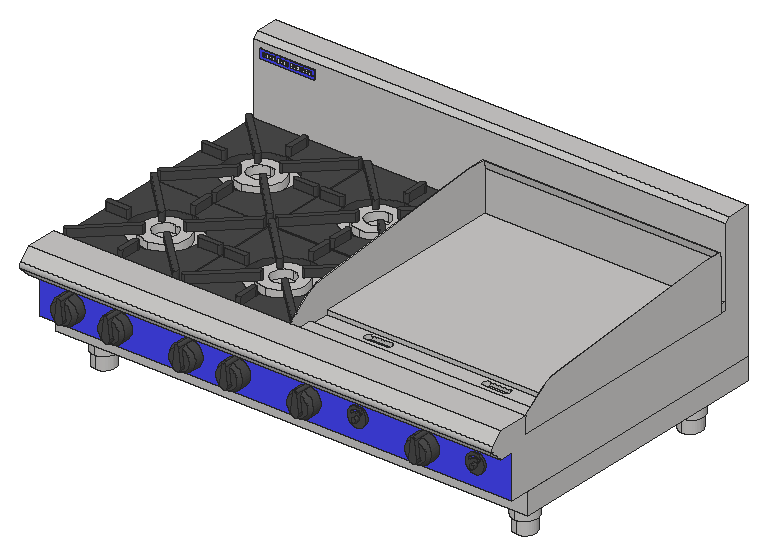
Revit family "QF_MOFFAT_BLUESEAL_CE_G518B-B", category Specialty Equipment, Revit 2012
Parameters
  Width = 1200 mm  # constant formula
  Weight in Pounds = 347  # constant formula
  URL Cutsheet = "www.moffat.com"
  URL = "www.moffat.com"
  Type Mark [instance] = ""
  Status [instance] = ""
  Specification by User [instance] = ""
  Specification by Manufacturer = ""
  Show Logo [instance] = yes
  Serial Number = ""
  Seismic Rating = ""
  SMACNA No = ""
  Revision Code [instance] = ""
  Omniclass Number and Title = ""
  NAFEM Spec ID Number = ""
  Model = "G518B-B"
  Mechanical Remarks [instance] = ""
  Mechanical Connection Type [instance] = ""
  Masterspec = ""
  Manufacturer = "MOFFAT BLUESEAL"
  Item Number [instance] = ""
  Installed By [instance] = ""
  Identify Quantity as Lot [instance] = yes
  Height = 485 mm  # constant formula
  Gas Size = 3/4"
  Gas RI Height [instance] = 0 mm
  Gas KW [instance] = 40
  Gas Input [instance] = 137000.0 Btu/h
  Gas Connection Height = 0 mm
  Furnished By [instance] = ""
  Foodservice Equipment Identifier [instance] = yes
  Description = "1200MM GAS COOK TOP BENCH MOUNT"
  Depth = 812 mm  # constant formula
  CSI MasterFormat = ""
  CSI Master Format = ""
Reference planes
  plane 1 "BACK": y = 0
  plane 2: z = 0
  plane 3 "LEFT": x = 0
  plane 4 "RIGHT": x = 1200
  plane 5 "FRONT": y = -812
  plane 6 "TOP": z = 370
  plane 7 "Center Y": x = 600
  plane 8 "Center X": y = -406
  plane 9: z = 485
  plane 10: z = 315
Forms (mm)
  Revolve 1, solid, material "QF_Finishes_Stainless Steel"
    sketch origin (65.5, -728, 0) x (0, 1, 0) y (0, 0, 1)
      loop
        line (71.25, 85) -> (71.25, 35) -> (75.5, 35) -> (75.5, 0) -> (103, 0) -> (103, 85) -> (71.25, 85)
      axis (103, 85) -> (103, 0)
    angle from 0 to 360
  Revolve 2, solid, material "QF_Finishes_Stainless Steel"
    sketch origin (65.5, -210, 0) x (0, 1, 0) y (0, 0, 1)
      loop
        line (78.25, 85) -> (78.25, 35) -> (82.5, 35) -> (82.5, 0) -> (110, 0) -> (110, 85) -> (78.25, 85)
      axis (110, 85) -> (110, 0)
    angle from 0 to 360
  Extrusion 3, solid, material "QF_Finishes_Stainless Steel"
    sketch origin (405, 3, -500) x (1, 0, 0) y (0, 1, 0)
      loop
        circle (665, -35) r 13.5
    from 555 to 585
  Revolve 4, solid, material "QF_Finishes_Black"
    sketch origin (89.999, 7, -0.127) x (0, 1, 0) y (0, 0, -1)
      loop
        line (-789, -229.5) -> (-766, -229.5) -> (-766, -202) -> (-756, -202) -> (-756, -197) -> (-800, -197) -> (-800, -223.651) -> (-789, -229.5)
      axis (-800, -197) -> (-756, -197)
    angle from 0 to 360
  Extrusion 5, solid, material "QF_Finishes_Black"
    sketch origin (228.269, 7, 0.031) x (-1, 0, 0) y (0, 0, -1)
      loop
        line (127.85, -186.163) -> (133.27, -229.082)
        arc (133.27, -229.082) -> (138.269, -233.969) -> (143.267, -229.082) r 5
        line (143.267, -229.082) -> (148.756, -184.996)
        arc (148.756, -184.996) -> (137.684, -174.498) -> (127.85, -186.163) r 10.487
    from 759 to 808
  Extrusion 6, solid, material "QF_Finishes_Stainless Steel"
    sketch origin (0, 0, 0) x (0, 1, 0) y (0, 0, 1)
      loop
        line (-784.97, 250) -> (-749, 250) -> (-749, 140) -> (0, 140) -> (0, 485) -> (-57.5, 485) -> (-70, 472.5) -> (-70, 275) -> (-705, 275) -> (-705, 315) -> (-783.97, 315) -> (-808.498, 290.472)
        arc (-808.498, 290.472) -> (-812.007, 282) -> (-808.498, 273.528) r 11.982
        line (-808.498, 273.528) -> (-784.97, 250)
      loop
        line (0, 85) -> (0, 139.206) -> (-699, 139.206) -> (-699, 85) -> (0, 85)
    from 0 to 1200
  Revolve 7, solid, material "QF_Finishes_Black"
    sketch origin (210, 7, 0) x (0, 1, 0) y (0, 0, -1)
      loop
        line (-789, -229.5) -> (-766, -229.5) -> (-766, -202) -> (-756, -202) -> (-756, -197) -> (-800, -197) -> (-800, -223.651) -> (-789, -229.5)
      axis (-800, -197) -> (-756, -197)
    angle from 0 to 360
  Extrusion 8, solid, material "QF_Finishes_Black"
    sketch origin (348.27, 7, 0.158) x (-1, 0, 0) y (0, 0, -1)
      loop
        line (127.85, -186.163) -> (133.27, -229.082)
        arc (133.27, -229.082) -> (138.269, -233.969) -> (143.267, -229.082) r 5
        line (143.267, -229.082) -> (148.756, -184.996)
        arc (148.756, -184.996) -> (137.684, -174.498) -> (127.85, -186.163) r 10.487
    from 759 to 808
  Revolve 9, solid, material "QF_Finishes_Stainless Steel"
    sketch origin (1134.5, -728, 0) x (0, 1, 0) y (0, 0, -1)
      loop
        line (71.25, -85) -> (103, -85) -> (103, 0) -> (75.5, 0) -> (75.5, -35) -> (71.25, -35) -> (71.25, -85)
      axis (103, -85) -> (103, 0)
    angle from 0 to 360
  Revolve 10, solid, material "QF_Finishes_Stainless Steel"
    sketch origin (1134.5, -210, 0) x (0, 1, 0) y (0, 0, -1)
      loop
        line (78.25, -85) -> (110, -85) -> (110, 0) -> (82.5, 0) -> (82.5, -35) -> (78.25, -35) -> (78.25, -85)
      axis (110, -85) -> (110, 0)
    angle from 0 to 360
  Revolve 11, solid, material "QF_Finishes_Black"
    sketch origin (389.999, 7, -0.127) x (0, 1, 0) y (0, 0, -1)
      loop
        line (-789, -229.5) -> (-766, -229.5) -> (-766, -202) -> (-756, -202) -> (-756, -197) -> (-800, -197) -> (-800, -223.651) -> (-789, -229.5)
      axis (-800, -197) -> (-756, -197)
    angle from 0 to 360
  Extrusion 12, solid, material "QF_Finishes_Black"
    sketch origin (528.269, 7, 0.031) x (-1, 0, 0) y (0, 0, -1)
      loop
        line (127.85, -186.163) -> (133.27, -229.082)
        arc (133.27, -229.082) -> (138.269, -233.969) -> (143.267, -229.082) r 5
        line (143.267, -229.082) -> (148.756, -184.996)
        arc (148.756, -184.996) -> (137.684, -174.498) -> (127.85, -186.163) r 10.487
    from 759 to 808
  Revolve 13, solid, material "QF_Finishes_Black"
    sketch origin (689.999, 7, -0.127) x (0, 1, 0) y (0, 0, -1)
      loop
        line (-789, -229.5) -> (-766, -229.5) -> (-766, -202) -> (-756, -202) -> (-756, -197) -> (-800, -197) -> (-800, -223.651) -> (-789, -229.5)
      axis (-800, -197) -> (-756, -197)
    angle from 0 to 360
  Extrusion 14, solid, material "QF_Finishes_Black"
    sketch origin (828.269, 7, 0.031) x (-1, 0, 0) y (0, 0, -1)
      loop
        line (127.85, -186.163) -> (133.27, -229.082)
        arc (133.27, -229.082) -> (138.269, -233.969) -> (143.267, -229.082) r 5
        line (143.267, -229.082) -> (148.756, -184.996)
        arc (148.756, -184.996) -> (137.684, -174.498) -> (127.85, -186.163) r 10.487
    from 759 to 808
  Revolve 15, solid, material "QF_Finishes_Black"
    sketch origin (989.999, 7, -0.127) x (0, 1, 0) y (0, 0, -1)
      loop
        line (-789, -229.5) -> (-766, -229.5) -> (-766, -202) -> (-756, -202) -> (-756, -197) -> (-800, -197) -> (-800, -223.651) -> (-789, -229.5)
      axis (-800, -197) -> (-756, -197)
    angle from 0 to 360
  Extrusion 16, solid, material "QF_Finishes_Black"
    sketch origin (1128.269, 7, 0.031) x (-1, 0, 0) y (0, 0, -1)
      loop
        line (127.85, -186.163) -> (133.27, -229.082)
        arc (133.27, -229.082) -> (138.269, -233.969) -> (143.267, -229.082) r 5
        line (143.267, -229.082) -> (148.756, -184.996)
        arc (148.756, -184.996) -> (137.684, -174.498) -> (127.85, -186.163) r 10.487
    from 759 to 808
  Extrusion 17, solid, material "QF_Finishes_Black"
    sketch origin (0, -749, 266) x (0, 0, -1) y (1, 0, 0)
      loop
        circle (69, 810) r 23.9
      loop
        arc (61.641, 818.419) -> (62.501, 823.219) -> (57.701, 824.079) r 3.448
        arc (57.701, 824.079) -> (51.116, 809.341) -> (58.919, 795.209) r 18.095
        arc (58.919, 795.209) -> (63.641, 796.491) -> (62.326, 801.204) r 3.448
        arc (62.326, 801.204) -> (58.758, 809.683) -> (61.641, 818.419) r 13.109
      loop
        circle (69, 1110) r 23.9
      loop
        arc (61.641, 1118.419) -> (62.501, 1123.219) -> (57.701, 1124.079) r 3.448
        arc (57.701, 1124.079) -> (51.116, 1109.341) -> (58.919, 1095.209) r 18.095
        arc (58.919, 1095.209) -> (63.641, 1096.491) -> (62.326, 1101.204) r 3.448
        arc (62.326, 1101.204) -> (58.758, 1109.683) -> (61.641, 1118.419) r 13.109
    from 0 to 5
  Extrusion 18, solid, material "QF_Finishes_Black"
    sketch origin (0, -754, 266) x (0, 0, -1) y (1, 0, 0)
      loop
        circle (72.5, 1110) r 5.75
      loop
        circle (72.5, 810) r 5.75
    from 0 to 10
  Revolve 19, solid, material "QF_Finishes_Black"
    sketch origin (510, 7, 0) x (0, 1, 0) y (0, 0, -1)
      loop
        line (-789, -229.5) -> (-766, -229.5) -> (-766, -202) -> (-756, -202) -> (-756, -197) -> (-800, -197) -> (-800, -223.651) -> (-789, -229.5)
      axis (-800, -197) -> (-756, -197)
    angle from 0 to 360
  Extrusion 20, solid, material "QF_Finishes_Black"
    sketch origin (648.27, 7, 0.158) x (-1, 0, 0) y (0, 0, -1)
      loop
        line (127.85, -186.163) -> (133.27, -229.082)
        arc (133.27, -229.082) -> (138.269, -233.969) -> (143.267, -229.082) r 5
        line (143.267, -229.082) -> (148.756, -184.996)
        arc (148.756, -184.996) -> (137.684, -174.498) -> (127.85, -186.163) r 10.487
    from 759 to 808
Lines and regions (mm)
  Split face 1
    outline origin (0, 0, 485) x (0, -1, 0) y (1, 0, 0)
      loop
        arc (18.185, 32.794) -> (23.185, 24.134) -> (33.185, 24.134) r 10
        line (33.185, 24.134) -> (40.185, 28.176)
        arc (40.185, 28.176) -> (43.845, 31.836) -> (45.185, 36.836) r 10
        line (45.185, 36.836) -> (45.185, 264.794)
        arc (45.185, 264.794) -> (40.185, 273.455) -> (30.185, 273.455) r 10
        line (30.185, 273.455) -> (23.185, 269.413)
        arc (23.185, 269.413) -> (19.525, 265.753) -> (18.185, 260.753) r 10
        line (18.185, 260.753) -> (18.185, 32.794)
  Split face 2
    outline origin (0, 0, 485) x (0, -1, 0) y (1, 0, 0)
      loop
        arc (18.185, 332.794) -> (23.185, 324.134) -> (33.185, 324.134) r 10
        line (33.185, 324.134) -> (40.185, 328.176)
        arc (40.185, 328.176) -> (43.845, 331.836) -> (45.185, 336.836) r 10
        line (45.185, 336.836) -> (45.185, 564.794)
        arc (45.185, 564.794) -> (40.185, 573.455) -> (30.185, 573.455) r 10
        line (30.185, 573.455) -> (23.185, 569.413)
        arc (23.185, 569.413) -> (19.525, 565.753) -> (18.185, 560.753) r 10
        line (18.185, 560.753) -> (18.185, 332.794)
  Split face 3
    outline origin (0, 0, 485) x (0, -1, 0) y (1, 0, 0)
      loop
        arc (45.185, 1164.794) -> (40.185, 1173.455) -> (30.185, 1173.455) r 10
        line (30.185, 1173.455) -> (23.185, 1169.413)
        arc (23.185, 1169.413) -> (19.525, 1165.753) -> (18.185, 1160.753) r 10
        line (18.185, 1160.753) -> (18.185, 932.794)
        arc (18.185, 932.794) -> (23.185, 924.134) -> (33.185, 924.134) r 10
        line (33.185, 924.134) -> (40.185, 928.176)
        arc (40.185, 928.176) -> (43.845, 931.836) -> (45.185, 936.836) r 10
        line (45.185, 936.836) -> (45.185, 1164.794)
  Split face 4
    outline origin (0, 0, 485) x (0, -1, 0) y (1, 0, 0)
      loop
        line (45.185, 636.836) -> (45.185, 864.794)
        arc (45.185, 864.794) -> (40.185, 873.455) -> (30.185, 873.455) r 10
        line (30.185, 873.455) -> (23.185, 869.413)
        arc (23.185, 869.413) -> (19.525, 865.753) -> (18.185, 860.753) r 10
        line (18.185, 860.753) -> (18.185, 632.794)
        arc (18.185, 632.794) -> (23.185, 624.134) -> (33.185, 624.134) r 10
        line (33.185, 624.134) -> (40.185, 628.176)
        arc (40.185, 628.176) -> (43.845, 631.836) -> (45.185, 636.836) r 10
  symbolic lines
    curve 1: line (0, 0, 0) -> (0, -812, 0)
    curve 2: line (1200, 0, 0) -> (0, 0, 0)
    curve 3: line (1200, -812, 0) -> (1200, 0, 0)
    curve 4: line (0, -70, 0) -> (1200, -70, 0)
    curve 5: line (0, -812, 0) -> (1200, -812, 0)
    curve 6: line (1200, -705, 0) -> (0, -705, 0)
    curve 7: line (0, -783.97, 0) -> (1200, -783.97, 0)
    curve 8: line (36.836, -45.185, 0) -> (264.794, -45.185, 0)
    curve 9: arc (264.794, -45.185, 0) -> (273.455, -40.185, 0) -> (273.455, -30.185, 0) r 10
    curve 10: line (273.455, -30.185, 0) -> (269.413, -23.185, 0)
    curve 11: arc (269.413, -23.185, 0) -> (265.753, -19.525, 0) -> (260.753, -18.185, 0) r 10
    curve 12: line (260.753, -18.185, 0) -> (32.794, -18.185, 0)
    curve 13: arc (32.794, -18.185, 0) -> (24.134, -23.185, 0) -> (24.134, -33.185, 0) r 10
    curve 14: line (24.134, -33.185, 0) -> (28.176, -40.185, 0)
    curve 15: arc (28.176, -40.185, 0) -> (31.836, -43.845, 0) -> (36.836, -45.185, 0) r 10
    curve 16: line (336.836, -45.185, 0) -> (564.794, -45.185, 0)
    curve 17: arc (564.794, -45.185, 0) -> (573.455, -40.185, 0) -> (573.455, -30.185, 0) r 10
    curve 18: line (573.455, -30.185, 0) -> (569.413, -23.185, 0)
    curve 19: arc (569.413, -23.185, 0) -> (565.753, -19.525, 0) -> (560.753, -18.185, 0) r 10
    curve 20: line (560.753, -18.185, 0) -> (332.794, -18.185, 0)
    curve 21: arc (332.794, -18.185, 0) -> (324.134, -23.185, 0) -> (324.134, -33.185, 0) r 10
    curve 22: line (324.134, -33.185, 0) -> (328.176, -40.185, 0)
    curve 23: arc (328.176, -40.185, 0) -> (331.836, -43.845, 0) -> (336.836, -45.185, 0) r 10
    curve 24: line (0, -57.5, 0) -> (1200, -57.5, 0)
    curve 25: line (860.753, -18.185, 0) -> (632.794, -18.185, 0)
    curve 26: arc (632.794, -18.185, 0) -> (624.134, -23.185, 0) -> (624.134, -33.185, 0) r 10
    curve 27: line (624.134, -33.185, 0) -> (628.176, -40.185, 0)
    curve 28: arc (628.176, -40.185, 0) -> (631.836, -43.845, 0) -> (636.836, -45.185, 0) r 10
    curve 29: line (636.836, -45.185, 0) -> (864.794, -45.185, 0)
    curve 30: arc (864.794, -45.185, 0) -> (873.455, -40.185, 0) -> (873.455, -30.185, 0) r 10
    curve 31: line (873.455, -30.185, 0) -> (869.413, -23.185, 0)
    curve 32: arc (869.413, -23.185, 0) -> (865.753, -19.525, 0) -> (860.753, -18.185, 0) r 10
    curve 33: line (932.794, -18.185, 0) -> (1160.753, -18.185, 0)
    curve 34: arc (1160.753, -18.185, 0) -> (1165.753, -19.525, 0) -> (1169.413, -23.185, 0) r 10
    curve 35: line (1169.413, -23.185, 0) -> (1173.455, -30.185, 0)
    curve 36: arc (1173.455, -30.185, 0) -> (1173.455, -40.185, 0) -> (1164.794, -45.185, 0) r 10
    curve 37: line (1164.794, -45.185, 0) -> (936.836, -45.185, 0)
    curve 38: arc (936.836, -45.185, 0) -> (931.836, -43.845, 0) -> (928.176, -40.185, 0) r 10
    curve 39: line (928.176, -40.185, 0) -> (924.134, -33.185, 0)
    curve 40: arc (924.134, -33.185, 0) -> (924.134, -23.185, 0) -> (932.794, -18.185, 0) r 10
Dimensions and locks
  equal spacing: plane 3 "LEFT", plane 7 "Center Y", plane 4 "RIGHT"
  "Width": plane 3 "LEFT" to plane 4 "RIGHT"
  equal spacing: plane 5 "FRONT", plane 8 "Center X", plane 1 "BACK"
  "Depth": plane 5 "FRONT" to plane 1 "BACK"
  equal spacing: plane 4 "RIGHT", plane 7 "Center Y", plane 3 "LEFT"
  plane 4 "RIGHT" to plane 3 "LEFT" = 1200 mm
  Extrusion 3 to level = 55 mm
  Extrusion 3 to plane 1 "BACK" = 32 mm
  plane 5 "FRONT" to plane 1 "BACK" = 812 mm
  "Height": plane 9 to level
  plane 10 to level = 315 mm
  Extrusion 3 sketch curve to plane 4 "RIGHT" = 130 mm
  Extrusion 3 sketch curve to plane 1 "BACK" = 32 mm
  aligned and locked: level to plane 2
  aligned and locked: curve 3 to plane 4 "RIGHT"
  aligned and locked: Extrusion 6 to plane 4 "RIGHT"
Automatic sketch dimensions
  plane 1 "BACK" to curve 1 = 0 mm
  curve 1 to plane 3 "LEFT" = 0 mm
  plane 5 "FRONT" to curve 1 = 0 mm
  plane 3 "LEFT" to curve 14 = 24.134 mm
  curve 14 to curve 15 = 4.041 mm
  curve 13 to curve 13 = 8.66 mm
  curve 13 to curve 15 = 4.041 mm
  plane 1 "BACK" to curve 11 = 18.185 mm
  curve 15 to curve 11 = 223.917 mm
  curve 11 to curve 9 = 4.041 mm  (x2)
  plane 1 "BACK" to curve 10 = 23.185 mm
  curve 11 to curve 10 = 8.66 mm
  plane 1 "BACK" to curve 22 = 33.185 mm
  curve 9 to curve 22 = 50.679 mm
  plane 1 "BACK" to curve 22 = 40.185 mm
  curve 22 to curve 22 = 4.041 mm
  curve 21 to curve 21 = 8.66 mm
  curve 23 to curve 16 = 8.66 mm
  plane 1 "BACK" to curve 20 = 18.185 mm
  curve 20 to plane 7 "Center Y" = 39.247 mm
  curve 19 to curve 17 = 4.041 mm
  curve 20 to curve 19 = 8.66 mm
  curve 18 to curve 17 = 4.041 mm
  plane 7 "Center Y" to curve 26 = 24.134 mm
  curve 26 to curve 27 = 4.041 mm
  curve 26 to curve 26 = 8.66 mm
  curve 28 to curve 29 = 8.66 mm
  plane 1 "BACK" to curve 32 = 18.185 mm
  curve 28 to curve 32 = 223.917 mm
  curve 32 to curve 30 = 4.041 mm
  plane 1 "BACK" to curve 31 = 23.185 mm
  curve 32 to curve 31 = 8.66 mm
  plane 1 "BACK" to curve 31 = 30.185 mm
  curve 31 to curve 31 = 4.041 mm
  plane 1 "BACK" to curve 39 = 33.185 mm
  curve 31 to curve 39 = 50.679 mm
  curve 39 to curve 38 = 4.041 mm
  curve 39 to curve 33 = 8.66 mm
  curve 40 to curve 38 = 4.041 mm
  plane 1 "BACK" to curve 34 = 18.185 mm
  plane 4 "RIGHT" to curve 34 = 39.247 mm
  curve 34 to curve 37 = 4.041 mm
  plane 1 "BACK" to curve 35 = 23.185 mm
  curve 34 to curve 35 = 8.66 mm
  curve 34 to curve 35 = 4.041 mm
  curve 7 to plane 5 "FRONT" = 28.03 mm
  curve 7 to curve 6 = 78.97 mm
  curve 4 to curve 13 = 51.815 mm
  curve 4 to curve 24 = 12.5 mm
  curve 17 to curve 20 = 27 mm
  curve 15 to curve 12 = 27 mm
  curve 38 to curve 39 = 12 mm
  curve 29 to curve 30 = 15 mm
  curve 29 to curve 28 = 5 mm
  curve 8 to curve 14 = 5 mm
  curve 38 to curve 39 = 7 mm
  curve 17 to curve 17 = 10 mm
  curve 9 to curve 11 = 7 mm
  curve 36 to curve 34 = 7 mm
  curve 27 to curve 27 = 7 mm
  curve 14 to curve 13 = 7 mm
  curve 17 to curve 19 = 7 mm
  Revolve 1 sketch curve to level = 0 mm
  level to Revolve 1 sketch curve = 35 mm
  Revolve 1 sketch curve to plane 5 "FRONT" = 155.25 mm
  Revolve 1 sketch curve to Revolve 1 sketch curve = 4.25 mm
  Revolve 1 sketch curve to Revolve 1 sketch curve = 27.5 mm  (x2)
  Revolve 1 sketch curve to Revolve 1 sketch curve = 55 mm
  Revolve 1 sketch curve to Revolve 1 sketch curve = 15 mm
  Revolve 1 sketch curve to Revolve 1 sketch curve = 35 mm
  Revolve 2 sketch curve to level = 0 mm
  level to Revolve 2 sketch curve = 35 mm
  plane 1 "BACK" to Revolve 2 sketch curve = 131.75 mm
  Revolve 2 sketch curve to Revolve 2 sketch curve = 4.25 mm
  Revolve 2 sketch curve to Revolve 2 sketch curve = 27.5 mm  (x2)
  Revolve 2 sketch curve to Revolve 2 sketch curve = 55 mm
  Revolve 2 sketch curve to Revolve 2 sketch curve = 15 mm
  Revolve 2 sketch curve to Revolve 2 sketch curve = 35 mm
  Revolve 4 sketch curve to plane 5 "FRONT" = 19 mm
  Revolve 4 sketch curve to Revolve 4 sketch curve = 0 mm  (x2)
  Revolve 4 sketch curve to Revolve 4 sketch curve = 11 mm
  Revolve 4 sketch curve to Revolve 4 sketch curve = 12.7 mm
  Revolve 4 sketch curve to Revolve 4 sketch curve = 23 mm
  Revolve 4 sketch curve to Revolve 4 sketch curve = 10 mm
  Revolve 4 sketch curve to plane 10 = 85.627 mm
  Revolve 4 sketch curve to Revolve 4 sketch curve = 5.849 mm
  Revolve 4 sketch curve to Revolve 4 sketch curve = 27.5 mm
  Revolve 4 sketch curve to Revolve 4 sketch curve = 5 mm
  plane 3 "LEFT" to Extrusion 5 sketch curve = 100.419 mm
  Extrusion 5 sketch curve to Extrusion 5 sketch curve = 5.421 mm
  Extrusion 5 sketch curve to Extrusion 5 sketch curve = 10.419 mm
  Extrusion 5 sketch curve to Extrusion 5 sketch curve = 4.999 mm  (x2)
  Extrusion 5 sketch curve to Extrusion 5 sketch curve = 10.487 mm
  Extrusion 5 sketch curve to plane 10 = 85.887 mm
  Extrusion 5 sketch curve to Extrusion 5 sketch curve = 0.113 mm
  Extrusion 5 sketch curve to Extrusion 5 sketch curve = 42.919 mm
  Extrusion 5 sketch curve to Extrusion 5 sketch curve = 1.167 mm
  Extrusion 6 sketch curve to plane 10 = 0 mm
  plane 9 to Extrusion 6 sketch curve = 0 mm
  Extrusion 6 sketch curve to plane 1 "BACK" = 0 mm  (x2)
  plane 1 "BACK" to Extrusion 6 sketch curve = 57.5 mm
  plane 9 to Extrusion 6 sketch curve = 12.5 mm
  Extrusion 6 sketch curve to Extrusion 6 sketch curve = 12.5 mm
  Extrusion 6 sketch curve to plane 5 "FRONT" = 113 mm
  Extrusion 6 sketch curve to plane 5 "FRONT" = 107 mm
  Extrusion 6 sketch curve to Extrusion 6 sketch curve = 50 mm
  Extrusion 6 sketch curve to plane 5 "FRONT" = 28.03 mm
  Extrusion 6 sketch curve to plane 5 "FRONT" = 27.03 mm
  Extrusion 6 sketch curve to plane 5 "FRONT" = 11.975 mm
  Extrusion 6 sketch curve to plane 5 "FRONT" = 3.502 mm  (x2)
  Extrusion 6 sketch curve to plane 10 = 24.528 mm
  Extrusion 6 sketch curve to Extrusion 6 sketch curve = 8.472 mm
  Extrusion 6 sketch curve to Extrusion 6 sketch curve = 40 mm
  Extrusion 6 sketch curve to Extrusion 6 sketch curve = 23.528 mm
  Extrusion 6 sketch curve to Extrusion 6 sketch curve = 110 mm
  Extrusion 6 sketch curve to Extrusion 6 sketch curve = 0.794 mm
  Extrusion 6 sketch curve to Extrusion 6 sketch curve = 54.206 mm
  Split face 1 sketch curve to Extrusion 6 = 18.185 mm
  Split face 1 sketch curve to Split face 1 sketch curve = 5 mm  (x3)
  Split face 1 sketch curve to Split face 1 sketch curve = 10 mm  (x2)
  Split face 1 sketch curve to Split face 1 sketch curve = 7 mm  (x4)
  Split face 1 sketch curve to Extrusion 6 = 24.134 mm
  Split face 1 sketch curve to Split face 1 sketch curve = 4.041 mm  (x2)
  Split face 1 sketch curve to Split face 1 sketch curve = 223.917 mm
  Split face 2 sketch curve to Extrusion 6 = 18.185 mm
  Split face 2 sketch curve to Split face 2 sketch curve = 5 mm  (x4)
  Split face 2 sketch curve to Split face 2 sketch curve = 10 mm
  Split face 2 sketch curve to Split face 2 sketch curve = 7 mm  (x4)
  Split face 2 sketch curve to Extrusion 6 = 324.134 mm
  Split face 2 sketch curve to Split face 2 sketch curve = 4.041 mm  (x2)
  Split face 2 sketch curve to Split face 2 sketch curve = 223.917 mm
  Split face 3 sketch curve to Extrusion 6 = 18.185 mm
  Split face 3 sketch curve to Split face 3 sketch curve = 5 mm  (x3)
  Split face 3 sketch curve to Split face 3 sketch curve = 10 mm  (x2)
  Split face 3 sketch curve to Split face 3 sketch curve = 7 mm  (x4)
  Split face 3 sketch curve to Extrusion 6 = 275.866 mm
  Split face 3 sketch curve to Split face 3 sketch curve = 4.041 mm  (x2)
  Split face 3 sketch curve to Extrusion 6 = 39.247 mm
  Revolve 7 sketch curve to plane 5 "FRONT" = 19 mm
  Revolve 7 sketch curve to Revolve 7 sketch curve = 0 mm  (x2)
  Revolve 7 sketch curve to Revolve 7 sketch curve = 11 mm
  Revolve 7 sketch curve to Revolve 7 sketch curve = 12.7 mm
  Revolve 7 sketch curve to Revolve 7 sketch curve = 23 mm
  Revolve 7 sketch curve to Revolve 7 sketch curve = 10 mm
  Revolve 7 sketch curve to plane 10 = 85.5 mm
  Revolve 7 sketch curve to Revolve 7 sketch curve = 5.849 mm
  Revolve 7 sketch curve to Revolve 7 sketch curve = 27.5 mm
  Revolve 7 sketch curve to Revolve 7 sketch curve = 5 mm
  plane 3 "LEFT" to Extrusion 8 sketch curve = 220.42 mm
  Extrusion 8 sketch curve to Extrusion 8 sketch curve = 5.421 mm
  Extrusion 8 sketch curve to Extrusion 8 sketch curve = 10.419 mm
  Extrusion 8 sketch curve to Extrusion 8 sketch curve = 4.999 mm  (x2)
  Extrusion 8 sketch curve to plane 10 = 85.76 mm
  Extrusion 8 sketch curve to Extrusion 8 sketch curve = 10.487 mm
  Extrusion 8 sketch curve to Extrusion 8 sketch curve = 0.113 mm
  Extrusion 8 sketch curve to Extrusion 8 sketch curve = 42.919 mm
  Extrusion 8 sketch curve to Extrusion 8 sketch curve = 1.167 mm
  Revolve 9 sketch curve to level = 0 mm
  level to Revolve 9 sketch curve = 35 mm
  Revolve 9 sketch curve to plane 5 "FRONT" = 155.25 mm
  Revolve 9 sketch curve to Revolve 9 sketch curve = 4.25 mm
  Revolve 9 sketch curve to Revolve 9 sketch curve = 27.5 mm  (x2)
  Revolve 9 sketch curve to Revolve 9 sketch curve = 15 mm
  Revolve 9 sketch curve to Revolve 9 sketch curve = 35 mm
  Revolve 9 sketch curve to level = 55 mm
  Revolve 10 sketch curve to level = 0 mm
  level to Revolve 10 sketch curve = 35 mm
  plane 1 "BACK" to Revolve 10 sketch curve = 131.75 mm
  Revolve 10 sketch curve to Revolve 10 sketch curve = 4.25 mm
  Revolve 10 sketch curve to Revolve 10 sketch curve = 27.5 mm  (x2)
  Revolve 10 sketch curve to Revolve 10 sketch curve = 15 mm
  Revolve 10 sketch curve to Revolve 10 sketch curve = 35 mm
  Revolve 10 sketch curve to level = 55 mm
  Revolve 11 sketch curve to plane 5 "FRONT" = 19 mm
  Revolve 11 sketch curve to Revolve 11 sketch curve = 0 mm  (x2)
  Revolve 11 sketch curve to Revolve 11 sketch curve = 11 mm
  Revolve 11 sketch curve to Revolve 11 sketch curve = 12.7 mm
  Revolve 11 sketch curve to Revolve 11 sketch curve = 23 mm
  Revolve 11 sketch curve to Revolve 11 sketch curve = 10 mm
  Revolve 11 sketch curve to plane 10 = 85.627 mm
  Revolve 11 sketch curve to Revolve 11 sketch curve = 5.849 mm
  Revolve 11 sketch curve to Revolve 11 sketch curve = 27.5 mm
  Revolve 11 sketch curve to Revolve 11 sketch curve = 5 mm
  Extrusion 12 sketch curve to plane 7 "Center Y" = 199.581 mm
  Extrusion 12 sketch curve to Extrusion 12 sketch curve = 5.421 mm
  Extrusion 12 sketch curve to Extrusion 12 sketch curve = 10.419 mm
  Extrusion 12 sketch curve to Extrusion 12 sketch curve = 4.999 mm  (x2)
  Extrusion 12 sketch curve to plane 10 = 85.887 mm
  Extrusion 12 sketch curve to Extrusion 12 sketch curve = 10.487 mm
  Extrusion 12 sketch curve to Extrusion 12 sketch curve = 0.113 mm
  Extrusion 12 sketch curve to Extrusion 12 sketch curve = 42.919 mm
  Extrusion 12 sketch curve to Extrusion 12 sketch curve = 1.167 mm
  Revolve 13 sketch curve to plane 5 "FRONT" = 19 mm
  Revolve 13 sketch curve to Revolve 13 sketch curve = 0 mm  (x2)
  Revolve 13 sketch curve to Revolve 13 sketch curve = 11 mm
  Revolve 13 sketch curve to Revolve 13 sketch curve = 12.7 mm
  Revolve 13 sketch curve to Revolve 13 sketch curve = 23 mm
  Revolve 13 sketch curve to Revolve 13 sketch curve = 10 mm
  Revolve 13 sketch curve to plane 10 = 85.627 mm
  Revolve 13 sketch curve to Revolve 13 sketch curve = 5.849 mm
  Revolve 13 sketch curve to Revolve 13 sketch curve = 27.5 mm
  Revolve 13 sketch curve to Revolve 13 sketch curve = 5 mm
  plane 7 "Center Y" to Extrusion 14 sketch curve = 100.419 mm
  Extrusion 14 sketch curve to Extrusion 14 sketch curve = 5.421 mm
  Extrusion 14 sketch curve to Extrusion 14 sketch curve = 10.419 mm
  Extrusion 14 sketch curve to Extrusion 14 sketch curve = 4.999 mm  (x2)
  Extrusion 14 sketch curve to Extrusion 14 sketch curve = 10.487 mm
  Extrusion 14 sketch curve to plane 10 = 85.887 mm
  Extrusion 14 sketch curve to Extrusion 14 sketch curve = 0.113 mm
  Extrusion 14 sketch curve to Extrusion 14 sketch curve = 42.919 mm
  Extrusion 14 sketch curve to Extrusion 14 sketch curve = 1.167 mm
  Revolve 15 sketch curve to plane 5 "FRONT" = 19 mm
  Revolve 15 sketch curve to Revolve 15 sketch curve = 0 mm  (x2)
  Revolve 15 sketch curve to Revolve 15 sketch curve = 11 mm
  Revolve 15 sketch curve to Revolve 15 sketch curve = 12.7 mm
  Revolve 15 sketch curve to Revolve 15 sketch curve = 23 mm
  Revolve 15 sketch curve to Revolve 15 sketch curve = 10 mm
  Revolve 15 sketch curve to plane 10 = 85.627 mm
  Revolve 15 sketch curve to Revolve 15 sketch curve = 5.849 mm
  Revolve 15 sketch curve to Revolve 15 sketch curve = 27.5 mm
  Revolve 15 sketch curve to Revolve 15 sketch curve = 5 mm
  plane 4 "RIGHT" to Extrusion 16 sketch curve = 199.581 mm
  Extrusion 16 sketch curve to Extrusion 16 sketch curve = 5.421 mm
  Extrusion 16 sketch curve to Extrusion 16 sketch curve = 10.419 mm
  Extrusion 16 sketch curve to Extrusion 16 sketch curve = 4.999 mm  (x2)
  Extrusion 16 sketch curve to plane 10 = 85.887 mm
  Extrusion 16 sketch curve to Extrusion 16 sketch curve = 10.487 mm
  Extrusion 16 sketch curve to Extrusion 16 sketch curve = 0.113 mm
  Extrusion 16 sketch curve to Extrusion 16 sketch curve = 42.919 mm
  Extrusion 16 sketch curve to Extrusion 16 sketch curve = 1.167 mm
  Split face 4 sketch curve to Extrusion 6 = 18.185 mm
  Split face 4 sketch curve to Split face 4 sketch curve = 5 mm  (x3)
  Split face 4 sketch curve to Split face 4 sketch curve = 10 mm  (x2)
  Split face 4 sketch curve to Split face 4 sketch curve = 7 mm  (x4)
  Split face 4 sketch curve to Extrusion 6 = 575.866 mm
  Split face 4 sketch curve to Split face 4 sketch curve = 4.041 mm  (x2)
  Split face 4 sketch curve to Split face 4 sketch curve = 223.917 mm
  Extrusion 6 to Extrusion 17 sketch curve = 41.701 mm  (x2)
  Extrusion 17 sketch curve to Extrusion 17 sketch curve = 1.218 mm  (x2)
  Extrusion 17 sketch curve to Extrusion 17 sketch curve = 1.97 mm  (x4)
  Extrusion 17 sketch curve to Extrusion 17 sketch curve = 1.724 mm  (x2)
  Extrusion 17 sketch curve to Extrusion 17 sketch curve = 1.683 mm  (x2)
  Extrusion 17 sketch curve to Extrusion 17 sketch curve = 6.674 mm  (x2)
  Extrusion 17 sketch curve to Extrusion 17 sketch curve = 0.195 mm  (x2)
  Extrusion 17 sketch curve to Extrusion 17 sketch curve = 2.662 mm  (x2)
  Extrusion 6 to Extrusion 17 sketch curve = 404.791 mm
  Extrusion 17 sketch curve to Extrusion 17 sketch curve = 2.986 mm  (x2)
  Extrusion 17 sketch curve to Extrusion 17 sketch curve = 8.796 mm  (x2)
  Extrusion 17 sketch curve to Extrusion 17 sketch curve = 0.103 mm  (x2)
  Extrusion 17 sketch curve to Extrusion 17 sketch curve = 0.102 mm  (x2)
  Extrusion 6 to Extrusion 17 sketch curve = 104.791 mm
  Extrusion 18 sketch curve to Extrusion 18 sketch curve = 0 mm
  Extrusion 18 sketch curve to Extrusion 18 sketch curve = 300 mm
  Revolve 19 sketch curve to plane 5 "FRONT" = 19 mm
  Revolve 19 sketch curve to Revolve 19 sketch curve = 0 mm  (x2)
  Revolve 19 sketch curve to Revolve 19 sketch curve = 11 mm
  Revolve 19 sketch curve to Revolve 19 sketch curve = 12.7 mm
  Revolve 19 sketch curve to Revolve 19 sketch curve = 23 mm
  Revolve 19 sketch curve to Revolve 19 sketch curve = 10 mm
  Revolve 19 sketch curve to plane 10 = 85.5 mm
  Revolve 19 sketch curve to Revolve 19 sketch curve = 5.849 mm
  Revolve 19 sketch curve to Revolve 19 sketch curve = 27.5 mm
  Revolve 19 sketch curve to Revolve 19 sketch curve = 5 mm
  Extrusion 20 sketch curve to plane 7 "Center Y" = 79.58 mm
  Extrusion 20 sketch curve to Extrusion 20 sketch curve = 5.421 mm
  Extrusion 20 sketch curve to Extrusion 20 sketch curve = 10.419 mm
  Extrusion 20 sketch curve to Extrusion 20 sketch curve = 4.999 mm  (x2)
  Extrusion 20 sketch curve to plane 10 = 85.76 mm
  Extrusion 20 sketch curve to Extrusion 20 sketch curve = 10.487 mm
  Extrusion 20 sketch curve to Extrusion 20 sketch curve = 0.113 mm
  Extrusion 20 sketch curve to Extrusion 20 sketch curve = 42.919 mm
  Extrusion 20 sketch curve to Extrusion 20 sketch curve = 1.167 mm
  radius of Extrusion 3 sketch curve = 13.5 mm
  radius of Extrusion 17 sketch curve = 23.9 mm  (x2)
  radius of Extrusion 18 sketch curve = 5.75 mm  (x2)
Nested families
  nested 1: "WALDORF LOGO_FACE BASE" at (18.6, -70, 458.604) x (1, 0, 0) z (0, -1, 0), visible <- "Show Logo", type "WALDORF LOGO_FACE BASE", detail levels medium+fine
    with Show Logo yes
  nested 2: "GAS BURNER 600 & GRIDDLE 600" at (0, -70, 274.5), type "GAS BURNER 600 & GRIDDLE 600"
    with Width 1200 mm, Type Mark "", Status "", Specification by User "", Revision Code "", Item Number "", Installed By "", Identify Quantity as Lot yes, Furnished By "", Foodservice Equipment Identifier yes, Depth 635 mm
Connectors
  piping at (1070, -32, 55)
    settings: on Extrusion 3, index 1, connector radius 0.37402", flow factor 0, pipe flow 0 GPM, pressure drop 0.00 psi, fitting loss kfactor 0, connector angle 0.00°, fixture units 0, engagement length 0 mm, flow configuration 1, flow direction 1, fitting loss method 0, system type 7, joint type 0, gender type 0, connector reference index -1, connector utility 0, adjustable connector no, is connector primary yes, fitting loss table "", connector description "GAS CONNECTION"
Definition of nested family "WALDORF LOGO_FACE BASE"
  Parameters (values of type "WALDORF LOGO_FACE BASE")
    Show Logo [instance] = yes
    Default Elevation = 1219.2 mm
  Reference planes
    plane 1 "Center (Front/Back)": y = 0
    plane 2: z = 0
    plane 3 "Center (Left/Right)": x = 0
  Forms (mm)
    Extrusion 1, solid
      sketch origin (0, 0, 0) x (1, 0, 0) y (0, 1, 0)
        loop
          line (-1219.2, 1219.2) -> (-1219.2, -1219.2) -> (1219.2, -1219.2) -> (1219.2, 1219.2) -> (-1219.2, 1219.2)
      from 0 to -304.8
    Extrusion 2, solid, material "QF_Finishes_Blue", visible <- "Show Logo"
      sketch origin (0, -33.217, 0) x (1, 0, 0) y (0, 1, 0)
        loop
          arc (138, 31.942) -> (137.626, 32.844) -> (136.724, 33.217) r 1.276
          line (136.724, 33.217) -> (1.29, 33.217)
          arc (1.29, 33.217) -> (0.378, 32.839) -> (0, 31.927) r 1.29
          line (0, 31.927) -> (0, 11.507)
          arc (0, 11.507) -> (0.378, 10.595) -> (1.29, 10.217) r 1.29
          line (1.29, 10.217) -> (136.71, 10.217)
          arc (136.71, 10.217) -> (137.622, 10.595) -> (138, 11.507) r 1.29
          line (138, 11.507) -> (138, 31.942)
      from 0 to 1.588
    Extrusion 3, solid, material "QF_Finishes_White", visible <- "Show Logo"
      sketch origin (0, -33.217, 1.588) x (1, 0, 0) y (0, 1, 0)
        loop
          arc (108.946, 25.919) -> (107.613, 25.367) -> (107.061, 24.034) r 1.885
          line (107.061, 24.034) -> (107.061, 17.211) -> (112.704, 17.211) -> (112.704, 19.129) -> (115.546, 19.129) -> (115.546, 17.211) -> (121.584, 17.211) -> (121.584, 24.075)
          arc (121.584, 24.075) -> (121.043, 25.379) -> (119.739, 25.919) r 1.845
          line (119.739, 25.919) -> (108.946, 25.919)
        loop
          line (123.478, 25.919) -> (123.478, 17.163) -> (134.904, 17.163) -> (134.904, 19.129) -> (129.246, 19.129) -> (129.246, 25.919) -> (123.478, 25.919)
        loop
          line (112.704, 21.258) -> (115.546, 21.258) -> (115.546, 22.702)
          arc (115.546, 22.702) -> (115.344, 23.188) -> (114.858, 23.389) r 0.687
          line (114.858, 23.389) -> (113.363, 23.389)
          arc (113.363, 23.389) -> (112.897, 23.196) -> (112.704, 22.73) r 0.658
          line (112.704, 22.73) -> (112.704, 21.258)
        loop
          line (105.071, 25.919) -> (93.771, 25.919) -> (93.771, 17.163) -> (105.071, 17.163) -> (105.071, 19.063) -> (99.535, 19.063) -> (99.535, 20.437) -> (105.071, 20.437) -> (105.071, 22.278) -> (99.535, 22.278) -> (99.535, 23.587) -> (105.071, 23.587) -> (105.071, 25.919)
        loop
          line (91.104, 25.919) -> (79.541, 25.919)
          arc (79.541, 25.919) -> (78.558, 25.513) -> (78.152, 24.53) r 1.389
          line (78.152, 24.53) -> (78.152, 22.08)
          arc (78.152, 22.08) -> (78.558, 21.098) -> (79.541, 20.691) r 1.389
          line (79.541, 20.691) -> (86.346, 20.691) -> (86.346, 18.864) -> (83.266, 18.864) -> (83.266, 19.664) -> (78.152, 19.664) -> (78.152, 18.553)
          arc (78.152, 18.553) -> (78.558, 17.57) -> (79.541, 17.163) r 1.389
          line (79.541, 17.163) -> (91.063, 17.163)
          arc (91.063, 17.163) -> (92.045, 17.57) -> (92.452, 18.553) r 1.389
          line (92.452, 18.553) -> (92.452, 20.691)
          arc (92.452, 20.691) -> (92.045, 21.673) -> (91.063, 22.08) r 1.389
          line (91.063, 22.08) -> (83.266, 22.08) -> (83.266, 23.984) -> (86.346, 23.984) -> (86.346, 22.743) -> (92.452, 22.743) -> (92.452, 24.571)
          arc (92.452, 24.571) -> (92.057, 25.524) -> (91.104, 25.919) r 1.348
        loop
          line (70.705, 25.919) -> (59.405, 25.919) -> (59.405, 17.163) -> (70.705, 17.163) -> (70.705, 19.063) -> (65.169, 19.063) -> (65.169, 20.437) -> (70.705, 20.437) -> (70.705, 22.278) -> (65.169, 22.278) -> (65.169, 23.587) -> (70.705, 23.587) -> (70.705, 25.919)
        loop
          line (57.598, 25.919) -> (51.7, 25.919) -> (51.7, 20.18)
          arc (51.7, 20.18) -> (50.63, 19.11) -> (49.56, 20.18) r 1.07
          line (49.56, 20.18) -> (49.56, 25.919) -> (43.663, 25.919) -> (43.663, 19.049)
          arc (43.663, 19.049) -> (44.215, 17.716) -> (45.548, 17.163) r 1.885
          line (45.548, 17.163) -> (55.71, 17.163)
          arc (55.71, 17.163) -> (57.045, 17.716) -> (57.598, 19.051) r 1.887
          line (57.598, 19.051) -> (57.598, 25.919)
        loop
          line (31.62, 25.919) -> (31.62, 17.163) -> (43.046, 17.163) -> (43.046, 19.129) -> (37.388, 19.129) -> (37.388, 25.919) -> (31.62, 25.919)
        loop
          line (15.969, 25.919) -> (15.969, 17.163) -> (28.693, 17.163)
          arc (28.693, 17.163) -> (29.812, 17.627) -> (30.276, 18.746) r 1.582
          line (30.276, 18.746) -> (30.276, 20.447) -> (29.48, 21.243) -> (30.276, 22.039) -> (30.276, 24.332)
          arc (30.276, 24.332) -> (29.811, 25.454) -> (28.688, 25.919) r 1.587
          line (28.688, 25.919) -> (15.969, 25.919)
        loop
          line (21.449, 24.159) -> (21.449, 22.436) -> (23.862, 22.436)
          arc (23.862, 22.436) -> (24.723, 23.298) -> (23.862, 24.159) r 0.861
          line (23.862, 24.159) -> (21.449, 24.159)
        loop
          line (21.449, 20.244) -> (21.449, 18.522) -> (23.862, 18.522)
          arc (23.862, 18.522) -> (24.723, 19.383) -> (23.862, 20.244) r 0.861
          line (23.862, 20.244) -> (21.449, 20.244)
      from 0 to 0.2
    Extrusion 4, solid, material "QF_Finishes_Blue", visible <- "Show Logo"
      sketch origin (-126.498, -31.09, 1.588) x (1, 0, 0) y (0, 1, 0)
        loop
          line (136.738, 23.522) -> (136.738, 15.1)
          arc (136.738, 15.1) -> (140.756, 19.311) -> (136.738, 23.522) r 4.216
      from 0 to 0.2
    Extrusion 5, solid, material "QF_Finishes_Red", visible <- "Show Logo"
      sketch origin (146.849, -31.09, 1.588) x (-1, 0, 0) y (0, -1, 0)
        loop
          arc (136.738, -23.522) -> (140.756, -19.311) -> (136.738, -15.1) r 4.216
          line (136.738, -15.1) -> (136.738, -23.522)
      from 0 to 0.2
  Lines and regions (mm)
    Split face 1
      outline origin (-90.35, -30.793, 1.588) x (1, 0, 0) y (0, 1, 0)
        loop
          circle (100.54, 19.013) r 4.536
  Dimensions and locks
    aligned and locked: plane 2 to Extrusion 1
    aligned and locked: level to Extrusion 1
Definition of nested family "GAS BURNER 600 & GRIDDLE 600"
  Parameters (values of type "GAS BURNER 600 & GRIDDLE 600")
    Width [instance] = 1200 mm
    Weight in Pounds = 0
    URL Cutsheet = ""
    Type Mark [instance] = ""
    Status [instance] = ""
    Specification by User [instance] = ""
    Specification by Manufacturer = ""
    Serial Number = ""
    Seismic Rating = ""
    SMACNA No = ""
    Revision Code [instance] = ""
    Omniclass Number and Title = ""
    NAFEM Spec ID Number = ""
    Masterspec = ""
    Item Number [instance] = ""
    Installed By [instance] = ""
    Identify Quantity as Lot [instance] = yes
    Furnished By [instance] = ""
    Foodservice Equipment Identifier [instance] = yes
    Depth [instance] = 635 mm
    CSI MasterFormat = ""
    CSI Master Format = ""
  Reference planes
    plane 1 "BACK": y = 0
    plane 2: z = 0
    plane 3 "LEFT": x = 0
    plane 4 "RIGHT": x = 1200
    plane 5 "FRONT": y = -635
    plane 6 "TOP": z = 142.5
    plane 7 "Center Y": x = 600
    plane 8 "Center X": y = -317.5
  Dimensions and locks
    equal spacing: plane 3 "LEFT", plane 7 "Center Y", plane 4 "RIGHT"
    "Width": plane 3 "LEFT" to plane 4 "RIGHT"
    equal spacing: plane 5 "FRONT", plane 8 "Center X", plane 1 "BACK"
    "Depth": plane 5 "FRONT" to plane 1 "BACK"
    aligned and locked: level to plane 2
  Nested families
    nested 1: "GAS BURNER 600" at (0, 0, 0), type "GAS BURNER 600"
      with Width 600 mm, Type Mark "", Status "", Specification by User "", Revision Code "", Item Number "", Installed By "", Identify Quantity as Lot yes, Furnished By "", Foodservice Equipment Identifier yes, Depth 635 mm
    nested 2: "GAS GRIDDLE PLATE 600" at (600, -15, 0), type "GAS GRIDDLE PLATE 600"
      with Width 600 mm, Type Mark "", Status "", Specification by User "", Revision Code "", Item Number "", Installed By "", Identify Quantity as Lot yes, Furnished By "", Foodservice Equipment Identifier yes, Depth 620 mm
  Definition of nested family "GAS BURNER 600"
    Parameters (values of type "GAS BURNER 600")
      Width [instance] = 600 mm
      Weight in Pounds = 0
      URL Cutsheet = ""
      Type Mark [instance] = ""
      Status [instance] = ""
      Specification by User [instance] = ""
      Specification by Manufacturer = ""
      Serial Number = ""
      Seismic Rating = ""
      SMACNA No = ""
      Revision Code [instance] = ""
      Omniclass Number and Title = ""
      NAFEM Spec ID Number = ""
      Masterspec = ""
      Item Number [instance] = ""
      Installed By [instance] = ""
      Identify Quantity as Lot [instance] = yes
      Furnished By [instance] = ""
      Foodservice Equipment Identifier [instance] = yes
      Depth [instance] = 635 mm
      CSI MasterFormat = ""
      CSI Master Format = ""
    Reference planes
      plane 1 "BACK": y = 0
      plane 2: z = 0
      plane 3 "LEFT": x = 0
      plane 4 "RIGHT": x = 600
      plane 5 "FRONT": y = -635
      plane 6 "TOP": z = 142.5
      plane 7 "Center Y": x = 300
      plane 8 "Center X": y = -317.5
    Forms (mm)
      Extrusion 1, solid, material "QF_Finishes_Black"
        sketch origin (0, 0, 0) x (0, -1, 0) y (1, 0, 0)
          loop
            line (318.5, 4) -> (318.5, 296)
            arc (318.5, 296) -> (317.621, 298.121) -> (315.5, 299) r 3
            line (315.5, 299) -> (3, 299)
            arc (3, 299) -> (0.879, 298.121) -> (0, 296) r 3
            line (0, 296) -> (0, 4)
            arc (0, 4) -> (0.879, 1.879) -> (3, 1) r 3
            line (3, 1) -> (315.5, 1)
            arc (315.5, 1) -> (317.621, 1.879) -> (318.5, 4) r 3
          loop
            line (324.5, 1) -> (632, 1)
            arc (632, 1) -> (634.121, 1.879) -> (635, 4) r 3
            line (635, 4) -> (635, 296)
            arc (635, 296) -> (634.121, 298.121) -> (632, 299) r 3
            line (632, 299) -> (324.5, 299)
            arc (324.5, 299) -> (322.379, 298.121) -> (321.5, 296) r 3
            line (321.5, 296) -> (321.5, 4)
            arc (321.5, 4) -> (322.379, 1.879) -> (324.5, 1) r 3
          loop
            circle (168.5, 149.991) r 84.082
          loop
            circle (468.5, 149.991) r 84.082
        from 0 to 19.5
      Extrusion 2, solid, material "QF_Finishes_Black"
        sketch origin (0, 0, 19.5) x (0, -1, 0) y (1, 0, 0)
          loop
            spline (326.102, 15.153) -> (325.181, 13.924) -> (324.631, 12.47) -> (324.49, 10.89) -> (324.767, 9.292) -> (325.443, 7.786) -> (326.473, 6.473) -> (327.786, 5.443) -> (329.292, 4.767) -> (330.89, 4.49) -> (332.47, 4.631) -> (333.924, 5.181) -> (335.153, 6.102)
            line (335.153, 6.102) -> (443.076, 114.025)
            spline (443.076, 114.025) -> (443.837, 115.095) -> (444.238, 116.399) -> (444.251, 117.851) -> (443.875, 119.35) -> (443.137, 120.795) -> (442.086, 122.086) -> (440.795, 123.137) -> (439.35, 123.875) -> (437.851, 124.251) -> (436.399, 124.238) -> (435.095, 123.837) -> (434.025, 123.076)
            line (434.025, 123.076) -> (326.102, 15.153)
          loop
            spline (328.898, 156.4) -> (327.604, 156.182) -> (326.398, 155.543) -> (325.362, 154.525) -> (324.568, 153.2) -> (324.068, 151.656) -> (323.898, 150) -> (324.068, 148.344) -> (324.568, 146.8) -> (325.362, 145.475) -> (326.398, 144.457) -> (327.604, 143.818) -> (328.898, 143.6)
            line (328.898, 143.6) -> (378.102, 143.6)
            spline (378.102, 143.6) -> (379.396, 143.818) -> (380.602, 144.457) -> (381.638, 145.475) -> (382.432, 146.8) -> (382.932, 148.344) -> (383.102, 150) -> (382.932, 151.656) -> (382.432, 153.2) -> (381.638, 154.525) -> (380.602, 155.543) -> (379.396, 156.182) -> (378.102, 156.4)
            line (378.102, 156.4) -> (328.898, 156.4)
          loop
            spline (335.153, 293.898) -> (334.084, 294.659) -> (332.779, 295.059) -> (331.328, 295.072) -> (329.829, 294.697) -> (328.384, 293.959) -> (327.092, 292.908) -> (326.041, 291.616) -> (325.303, 290.171) -> (324.928, 288.672) -> (324.941, 287.221) -> (325.341, 285.916) -> (326.102, 284.847)
            line (326.102, 284.847) -> (434.025, 176.924)
            spline (434.025, 176.924) -> (435.095, 176.163) -> (436.399, 175.762) -> (437.851, 175.749) -> (439.35, 176.125) -> (440.795, 176.863) -> (442.086, 177.914) -> (443.137, 179.205) -> (443.875, 180.65) -> (444.251, 182.149) -> (444.238, 183.601) -> (443.837, 184.905) -> (443.076, 185.975)
            line (443.076, 185.975) -> (335.153, 293.898)
          loop
            line (463.6, 291.102) -> (463.6, 241.898)
            spline (463.6, 241.898) -> (463.818, 240.604) -> (464.457, 239.398) -> (465.475, 238.362) -> (466.8, 237.568) -> (468.344, 237.068) -> (470, 236.898) -> (471.656, 237.068) -> (473.2, 237.568) -> (474.525, 238.362) -> (475.543, 239.398) -> (476.182, 240.604) -> (476.4, 241.898)
            line (476.4, 241.898) -> (476.4, 291.102)
            spline (476.4, 291.102) -> (476.182, 292.396) -> (475.543, 293.602) -> (474.525, 294.638) -> (473.2, 295.432) -> (471.656, 295.932) -> (470, 296.102) -> (468.344, 295.932) -> (466.8, 295.432) -> (465.475, 294.638) -> (464.457, 293.602) -> (463.818, 292.396) -> (463.6, 291.102)
          loop
            spline (612.398, 284.847) -> (613.159, 285.916) -> (613.559, 287.221) -> (613.572, 288.672) -> (613.197, 290.171) -> (612.459, 291.616) -> (611.408, 292.908) -> (610.116, 293.959) -> (608.671, 294.697) -> (607.172, 295.072) -> (605.721, 295.059) -> (604.416, 294.659) -> (603.347, 293.898)
            line (603.347, 293.898) -> (496.924, 185.975)
            spline (496.924, 185.975) -> (496.163, 184.905) -> (495.762, 183.601) -> (495.749, 182.149) -> (496.125, 180.65) -> (496.863, 179.205) -> (497.914, 177.914) -> (499.205, 176.863) -> (500.65, 176.125) -> (502.149, 175.749) -> (503.601, 175.762) -> (504.905, 176.163) -> (505.975, 176.924)
            line (505.975, 176.924) -> (612.398, 284.847)
          loop
            spline (609.602, 143.6) -> (610.896, 143.818) -> (612.102, 144.457) -> (613.138, 145.475) -> (613.932, 146.8) -> (614.432, 148.344) -> (614.602, 150) -> (614.432, 151.656) -> (613.932, 153.2) -> (613.138, 154.525) -> (612.102, 155.543) -> (610.896, 156.182) -> (609.602, 156.4)
            line (609.602, 156.4) -> (561.898, 156.4)
            spline (561.898, 156.4) -> (560.604, 156.182) -> (559.398, 155.543) -> (558.362, 154.525) -> (557.568, 153.2) -> (557.068, 151.656) -> (556.898, 150) -> (557.068, 148.344) -> (557.568, 146.8) -> (558.362, 145.475) -> (559.398, 144.457) -> (560.604, 143.818) -> (561.898, 143.6)
            line (561.898, 143.6) -> (609.602, 143.6)
          loop
            line (612.398, 15.153) -> (505.975, 123.076)
            spline (505.975, 123.076) -> (504.905, 123.837) -> (503.601, 124.238) -> (502.149, 124.251) -> (500.65, 123.875) -> (499.205, 123.137) -> (497.914, 122.086) -> (496.863, 120.795) -> (496.125, 119.35) -> (495.749, 117.851) -> (495.762, 116.399) -> (496.163, 115.095) -> (496.924, 114.025)
            line (496.924, 114.025) -> (603.347, 6.102)
            spline (603.347, 6.102) -> (604.416, 5.341) -> (605.721, 4.941) -> (607.172, 4.928) -> (608.671, 5.303) -> (610.116, 6.041) -> (611.408, 7.092) -> (612.459, 8.384) -> (613.197, 9.829) -> (613.572, 11.328) -> (613.559, 12.779) -> (613.159, 14.084) -> (612.398, 15.153)
          loop
            line (476.4, 8.898) -> (476.4, 58.102)
            spline (476.4, 58.102) -> (476.182, 59.396) -> (475.543, 60.602) -> (474.525, 61.638) -> (473.2, 62.432) -> (471.656, 62.932) -> (470, 63.102) -> (468.344, 62.932) -> (466.8, 62.432) -> (465.475, 61.638) -> (464.457, 60.602) -> (463.818, 59.396) -> (463.6, 58.102)
            line (463.6, 58.102) -> (463.6, 8.898)
            spline (463.6, 8.898) -> (463.818, 7.604) -> (464.457, 6.398) -> (465.475, 5.362) -> (466.8, 4.568) -> (468.344, 4.068) -> (470, 3.898) -> (471.656, 4.068) -> (473.2, 4.568) -> (474.525, 5.362) -> (475.543, 6.398) -> (476.182, 7.604) -> (476.4, 8.898)
          loop
            spline (22.602, 15.153) -> (21.681, 13.924) -> (21.131, 12.47) -> (20.99, 10.89) -> (21.267, 9.292) -> (21.943, 7.786) -> (22.973, 6.473) -> (24.286, 5.443) -> (25.792, 4.767) -> (27.39, 4.49) -> (28.97, 4.631) -> (30.424, 5.181) -> (31.653, 6.102)
            line (31.653, 6.102) -> (139.576, 114.025)
            spline (139.576, 114.025) -> (140.337, 115.095) -> (140.738, 116.399) -> (140.751, 117.851) -> (140.375, 119.35) -> (139.637, 120.795) -> (138.586, 122.086) -> (137.295, 123.137) -> (135.85, 123.875) -> (134.351, 124.251) -> (132.899, 124.238) -> (131.595, 123.837) -> (130.525, 123.076)
            line (130.525, 123.076) -> (22.602, 15.153)
          loop
            spline (25.398, 156.4) -> (24.104, 156.182) -> (22.898, 155.543) -> (21.862, 154.525) -> (21.068, 153.2) -> (20.568, 151.656) -> (20.398, 150) -> (20.568, 148.344) -> (21.068, 146.8) -> (21.862, 145.475) -> (22.898, 144.457) -> (24.104, 143.818) -> (25.398, 143.6)
            line (25.398, 143.6) -> (74.602, 143.6)
            spline (74.602, 143.6) -> (75.896, 143.818) -> (77.102, 144.457) -> (78.138, 145.475) -> (78.932, 146.8) -> (79.432, 148.344) -> (79.602, 150) -> (79.432, 151.656) -> (78.932, 153.2) -> (78.138, 154.525) -> (77.102, 155.543) -> (75.896, 156.182) -> (74.602, 156.4)
            line (74.602, 156.4) -> (25.398, 156.4)
          loop
            spline (31.653, 293.898) -> (30.584, 294.659) -> (29.279, 295.059) -> (27.828, 295.072) -> (26.329, 294.697) -> (24.884, 293.959) -> (23.592, 292.908) -> (22.541, 291.616) -> (21.803, 290.171) -> (21.428, 288.672) -> (21.441, 287.221) -> (21.841, 285.916) -> (22.602, 284.847)
            line (22.602, 284.847) -> (130.525, 176.924)
            spline (130.525, 176.924) -> (131.595, 176.163) -> (132.899, 175.762) -> (134.351, 175.749) -> (135.85, 176.125) -> (137.295, 176.863) -> (138.586, 177.914) -> (139.637, 179.205) -> (140.375, 180.65) -> (140.751, 182.149) -> (140.738, 183.601) -> (140.337, 184.905) -> (139.576, 185.975)
            line (139.576, 185.975) -> (31.653, 293.898)
          loop
            line (160.1, 291.102) -> (160.1, 241.898)
            spline (160.1, 241.898) -> (160.318, 240.604) -> (160.957, 239.398) -> (161.975, 238.362) -> (163.3, 237.568) -> (164.844, 237.068) -> (166.5, 236.898) -> (168.156, 237.068) -> (169.7, 237.568) -> (171.025, 238.362) -> (172.043, 239.398) -> (172.682, 240.604) -> (172.9, 241.898)
            line (172.9, 241.898) -> (172.9, 291.102)
            spline (172.9, 291.102) -> (172.682, 292.396) -> (172.043, 293.602) -> (171.025, 294.638) -> (169.7, 295.432) -> (168.156, 295.932) -> (166.5, 296.102) -> (164.844, 295.932) -> (163.3, 295.432) -> (161.975, 294.638) -> (160.957, 293.602) -> (160.318, 292.396) -> (160.1, 291.102)
          loop
            spline (313.898, 284.847) -> (314.659, 285.916) -> (315.059, 287.221) -> (315.072, 288.672) -> (314.697, 290.171) -> (313.959, 291.616) -> (312.908, 292.908) -> (311.616, 293.959) -> (310.171, 294.697) -> (308.672, 295.072) -> (307.221, 295.059) -> (305.916, 294.659) -> (304.847, 293.898)
            line (304.847, 293.898) -> (193.424, 185.975)
            spline (193.424, 185.975) -> (192.663, 184.905) -> (192.262, 183.601) -> (192.249, 182.149) -> (192.625, 180.65) -> (193.363, 179.205) -> (194.414, 177.914) -> (195.705, 176.863) -> (197.15, 176.125) -> (198.649, 175.749) -> (200.101, 175.762) -> (201.405, 176.163) -> (202.475, 176.924)
            line (202.475, 176.924) -> (313.898, 284.847)
          loop
            spline (311.102, 143.6) -> (312.396, 143.818) -> (313.602, 144.457) -> (314.638, 145.475) -> (315.432, 146.8) -> (315.932, 148.344) -> (316.102, 150) -> (315.932, 151.656) -> (315.432, 153.2) -> (314.638, 154.525) -> (313.602, 155.543) -> (312.396, 156.182) -> (311.102, 156.4)
            line (311.102, 156.4) -> (261.898, 156.4)
            spline (261.898, 156.4) -> (260.604, 156.182) -> (259.398, 155.543) -> (258.362, 154.525) -> (257.568, 153.2) -> (257.068, 151.656) -> (256.898, 150) -> (257.068, 148.344) -> (257.568, 146.8) -> (258.362, 145.475) -> (259.398, 144.457) -> (260.604, 143.818) -> (261.898, 143.6)
            line (261.898, 143.6) -> (311.102, 143.6)
          loop
            line (313.898, 15.153) -> (202.475, 123.076)
            spline (202.475, 123.076) -> (201.405, 123.837) -> (200.101, 124.238) -> (198.649, 124.251) -> (197.15, 123.875) -> (195.705, 123.137) -> (194.414, 122.086) -> (193.363, 120.795) -> (192.625, 119.35) -> (192.249, 117.851) -> (192.262, 116.399) -> (192.663, 115.095) -> (193.424, 114.025)
            line (193.424, 114.025) -> (304.847, 6.102)
            spline (304.847, 6.102) -> (305.916, 5.341) -> (307.221, 4.941) -> (308.672, 4.928) -> (310.171, 5.303) -> (311.616, 6.041) -> (312.908, 7.092) -> (313.959, 8.384) -> (314.697, 9.829) -> (315.072, 11.328) -> (315.059, 12.779) -> (314.659, 14.084) -> (313.898, 15.153)
          loop
            line (172.9, 8.898) -> (172.9, 58.102)
            spline (172.9, 58.102) -> (172.682, 59.396) -> (172.043, 60.602) -> (171.025, 61.638) -> (169.7, 62.432) -> (168.156, 62.932) -> (166.5, 63.102) -> (164.844, 62.932) -> (163.3, 62.432) -> (161.975, 61.638) -> (160.957, 60.602) -> (160.318, 59.396) -> (160.1, 58.102)
            line (160.1, 58.102) -> (160.1, 8.898)
            spline (160.1, 8.898) -> (160.318, 7.604) -> (160.957, 6.398) -> (161.975, 5.362) -> (163.3, 4.568) -> (164.844, 4.068) -> (166.5, 3.898) -> (168.156, 4.068) -> (169.7, 4.568) -> (171.025, 5.362) -> (172.043, 6.398) -> (172.682, 7.604) -> (172.9, 8.898)
        from 0 to 20.5
      Extrusion 3, solid, material "QF_Finishes_Stainless Steel"
        sketch origin (0, -15.098, 0) x (0, -1, 0) y (1, 0, 0)
          loop
            circle (151.402, 150) r 57
          loop
            circle (451.402, 150) r 57
          loop
            circle (151.402, 150) r 30
          loop
            circle (451.402, 150) r 30
        from 0 to 20
      Extrusion 4, solid, material "QF_Finishes_Black"
        sketch origin (600, 0, 0) x (0, -1, 0) y (1, 0, 0)
          loop
            arc (318.5, -4) -> (317.621, -1.879) -> (315.5, -1) r 3
            line (315.5, -1) -> (3, -1)
            arc (3, -1) -> (0.879, -1.879) -> (0, -4) r 3
            line (0, -4) -> (0, -296)
            arc (0, -296) -> (0.879, -298.121) -> (3, -299) r 3
            line (3, -299) -> (315.5, -299)
            arc (315.5, -299) -> (317.621, -298.121) -> (318.5, -296) r 3
            line (318.5, -296) -> (318.5, -4)
          loop
            arc (324.5, -1) -> (322.379, -1.879) -> (321.5, -4) r 3
            line (321.5, -4) -> (321.5, -296)
            arc (321.5, -296) -> (322.379, -298.121) -> (324.5, -299) r 3
            line (324.5, -299) -> (632, -299)
            arc (632, -299) -> (634.121, -298.121) -> (635, -296) r 3
            line (635, -296) -> (635, -4)
            arc (635, -4) -> (634.121, -1.879) -> (632, -1) r 3
            line (632, -1) -> (324.5, -1)
          loop
            circle (168.5, -149.991) r 84.082
          loop
            circle (468.5, -149.991) r 84.082
        from 0 to 19.5
      Extrusion 5, solid, material "QF_Finishes_Black"
        sketch origin (600, 0, 19.5) x (0, -1, 0) y (1, 0, 0)
          loop
            line (326.102, -15.153) -> (434.025, -123.076)
            spline (434.025, -123.076) -> (435.095, -123.837) -> (436.399, -124.238) -> (437.851, -124.251) -> (439.35, -123.875) -> (440.795, -123.137) -> (442.086, -122.086) -> (443.137, -120.795) -> (443.875, -119.35) -> (444.251, -117.851) -> (444.238, -116.399) -> (443.837, -115.095) -> (443.076, -114.025)
            line (443.076, -114.025) -> (335.153, -6.102)
            spline (335.153, -6.102) -> (333.924, -5.181) -> (332.47, -4.631) -> (330.89, -4.49) -> (329.292, -4.767) -> (327.786, -5.443) -> (326.473, -6.473) -> (325.443, -7.786) -> (324.767, -9.292) -> (324.49, -10.89) -> (324.631, -12.47) -> (325.181, -13.924) -> (326.102, -15.153)
          loop
            line (328.898, -156.4) -> (378.102, -156.4)
            spline (378.102, -156.4) -> (379.396, -156.182) -> (380.602, -155.543) -> (381.638, -154.525) -> (382.432, -153.2) -> (382.932, -151.656) -> (383.102, -150) -> (382.932, -148.344) -> (382.432, -146.8) -> (381.638, -145.475) -> (380.602, -144.457) -> (379.396, -143.818) -> (378.102, -143.6)
            line (378.102, -143.6) -> (328.898, -143.6)
            spline (328.898, -143.6) -> (327.604, -143.818) -> (326.398, -144.457) -> (325.362, -145.475) -> (324.568, -146.8) -> (324.068, -148.344) -> (323.898, -150) -> (324.068, -151.656) -> (324.568, -153.2) -> (325.362, -154.525) -> (326.398, -155.543) -> (327.604, -156.182) -> (328.898, -156.4)
          loop
            line (335.153, -293.898) -> (443.076, -185.975)
            spline (443.076, -185.975) -> (443.837, -184.905) -> (444.238, -183.601) -> (444.251, -182.149) -> (443.875, -180.65) -> (443.137, -179.205) -> (442.086, -177.914) -> (440.795, -176.863) -> (439.35, -176.125) -> (437.851, -175.749) -> (436.399, -175.762) -> (435.095, -176.163) -> (434.025, -176.924)
            line (434.025, -176.924) -> (326.102, -284.847)
